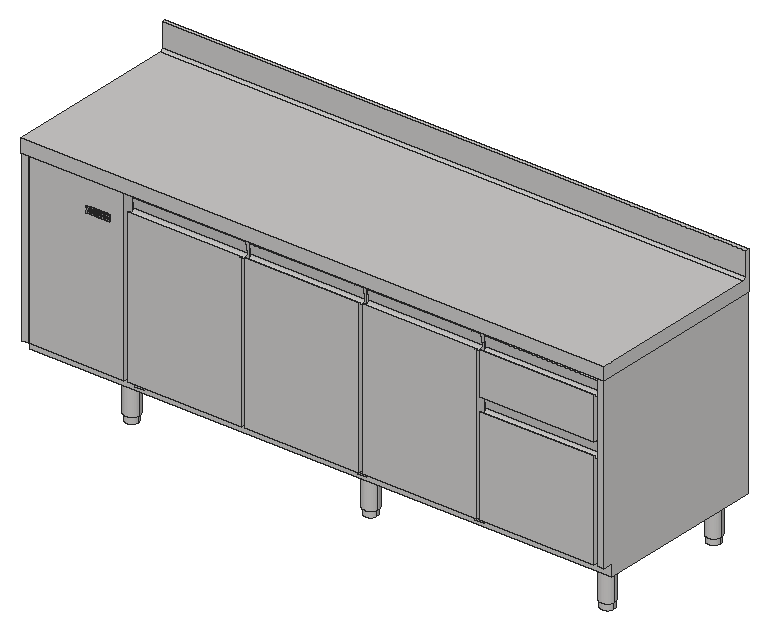
Revit family "QF_ZANUSSI_111062_ZH4H3AAAD", category Specialty Equipment, Revit 2018 (continued)
Definition of nested family "ZAN_Cooling Unit"
  Lines and regions (mm)
    Split face 121
      outline origin (55.016, 2, -197.115) x (0, 0, 1) y (-1, 0, 0)
        loop
          arc (510.649, 158.547) -> (506.648, 162.548) -> (502.647, 158.547) r 4.001
          line (502.647, 158.547) -> (502.647, 116.535)
          arc (502.647, 116.535) -> (506.648, 112.533) -> (510.649, 116.535) r 4.001
          line (510.649, 116.535) -> (510.649, 158.547)
    Split face 122
      outline origin (55.016, 2, -209.119) x (0, 0, 1) y (-1, 0, 0)
        loop
          arc (510.649, 158.547) -> (506.648, 162.548) -> (502.647, 158.547) r 4.001
          line (502.647, 158.547) -> (502.647, 116.535)
          arc (502.647, 116.535) -> (506.648, 112.533) -> (510.649, 116.535) r 4.001
          line (510.649, 116.535) -> (510.649, 158.547)
    Split face 123
      outline origin (55.016, 2, -221.122) x (0, 0, 1) y (-1, 0, 0)
        loop
          arc (510.649, 158.547) -> (506.648, 162.548) -> (502.647, 158.547) r 4.001
          line (502.647, 158.547) -> (502.647, 116.535)
          arc (502.647, 116.535) -> (506.648, 112.533) -> (510.649, 116.535) r 4.001
          line (510.649, 116.535) -> (510.649, 158.547)
    Split face 124
      outline origin (55.016, 2, -233.126) x (0, 0, 1) y (-1, 0, 0)
        loop
          arc (510.649, 158.547) -> (506.648, 162.548) -> (502.647, 158.547) r 4.001
          line (502.647, 158.547) -> (502.647, 116.535)
          arc (502.647, 116.535) -> (506.648, 112.533) -> (510.649, 116.535) r 4.001
          line (510.649, 116.535) -> (510.649, 158.547)
    Split face 125
      outline origin (55.016, 2, -245.129) x (0, 0, 1) y (-1, 0, 0)
        loop
          arc (510.649, 158.547) -> (506.648, 162.548) -> (502.647, 158.547) r 4.001
          line (502.647, 158.547) -> (502.647, 116.535)
          arc (502.647, 116.535) -> (506.648, 112.533) -> (510.649, 116.535) r 4.001
          line (510.649, 116.535) -> (510.649, 158.547)
    Split face 126
      outline origin (55.016, 2, -257.133) x (0, 0, 1) y (-1, 0, 0)
        loop
          arc (510.649, 158.547) -> (506.648, 162.548) -> (502.647, 158.547) r 4.001
          line (502.647, 158.547) -> (502.647, 116.535)
          arc (502.647, 116.535) -> (506.648, 112.533) -> (510.649, 116.535) r 4.001
          line (510.649, 116.535) -> (510.649, 158.547)
    Split face 127
      outline origin (55.016, 2, -269.136) x (0, 0, 1) y (-1, 0, 0)
        loop
          arc (510.649, 158.547) -> (506.648, 162.548) -> (502.647, 158.547) r 4.001
          line (502.647, 158.547) -> (502.647, 116.535)
          arc (502.647, 116.535) -> (506.648, 112.533) -> (510.649, 116.535) r 4.001
          line (510.649, 116.535) -> (510.649, 158.547)
    Split face 128
      outline origin (55.016, 2, -281.14) x (0, 0, 1) y (-1, 0, 0)
        loop
          arc (510.649, 158.547) -> (506.648, 162.548) -> (502.647, 158.547) r 4.001
          line (502.647, 158.547) -> (502.647, 116.535)
          arc (502.647, 116.535) -> (506.648, 112.533) -> (510.649, 116.535) r 4.001
          line (510.649, 116.535) -> (510.649, 158.547)
    Split face 129
      outline origin (55.016, 2, -293.144) x (0, 0, 1) y (-1, 0, 0)
        loop
          arc (510.649, 158.547) -> (506.648, 162.548) -> (502.647, 158.547) r 4.001
          line (502.647, 158.547) -> (502.647, 116.535)
          arc (502.647, 116.535) -> (506.648, 112.533) -> (510.649, 116.535) r 4.001
          line (510.649, 116.535) -> (510.649, 158.547)
    Split face 130
      outline origin (110.032, 2, -113.091) x (0, 0, 1) y (-1, 0, 0)
        loop
          arc (510.649, 158.547) -> (506.648, 162.548) -> (502.647, 158.547) r 4.001
          line (502.647, 158.547) -> (502.647, 116.535)
          arc (502.647, 116.535) -> (506.648, 112.533) -> (510.649, 116.535) r 4.001
          line (510.649, 116.535) -> (510.649, 158.547)
    Split face 131
      outline origin (110.032, 2, -125.094) x (0, 0, 1) y (-1, 0, 0)
        loop
          arc (510.649, 158.547) -> (506.648, 162.548) -> (502.647, 158.547) r 4.001
          line (502.647, 158.547) -> (502.647, 116.535)
          arc (502.647, 116.535) -> (506.648, 112.533) -> (510.649, 116.535) r 4.001
          line (510.649, 116.535) -> (510.649, 158.547)
    Split face 132
      outline origin (110.032, 2, -137.098) x (0, 0, 1) y (-1, 0, 0)
        loop
          arc (510.649, 158.547) -> (506.648, 162.548) -> (502.647, 158.547) r 4.001
          line (502.647, 158.547) -> (502.647, 116.535)
          arc (502.647, 116.535) -> (506.648, 112.533) -> (510.649, 116.535) r 4.001
          line (510.649, 116.535) -> (510.649, 158.547)
    Split face 133
      outline origin (110.032, 2, -149.101) x (0, 0, 1) y (-1, 0, 0)
        loop
          arc (510.649, 158.547) -> (506.648, 162.548) -> (502.647, 158.547) r 4.001
          line (502.647, 158.547) -> (502.647, 116.535)
          arc (502.647, 116.535) -> (506.648, 112.533) -> (510.649, 116.535) r 4.001
          line (510.649, 116.535) -> (510.649, 158.547)
    Split face 134
      outline origin (110.032, 2, -161.105) x (0, 0, 1) y (-1, 0, 0)
        loop
          arc (510.649, 158.547) -> (506.648, 162.548) -> (502.647, 158.547) r 4.001
          line (502.647, 158.547) -> (502.647, 116.535)
          arc (502.647, 116.535) -> (506.648, 112.533) -> (510.649, 116.535) r 4.001
          line (510.649, 116.535) -> (510.649, 158.547)
    Split face 135
      outline origin (110.032, 2, -173.108) x (0, 0, 1) y (-1, 0, 0)
        loop
          arc (510.649, 158.547) -> (506.648, 162.548) -> (502.647, 158.547) r 4.001
          line (502.647, 158.547) -> (502.647, 116.535)
          arc (502.647, 116.535) -> (506.648, 112.533) -> (510.649, 116.535) r 4.001
          line (510.649, 116.535) -> (510.649, 158.547)
    Split face 136
      outline origin (110.032, 2, -185.112) x (0, 0, 1) y (-1, 0, 0)
        loop
          arc (510.649, 158.547) -> (506.648, 162.548) -> (502.647, 158.547) r 4.001
          line (502.647, 158.547) -> (502.647, 116.535)
          arc (502.647, 116.535) -> (506.648, 112.533) -> (510.649, 116.535) r 4.001
          line (510.649, 116.535) -> (510.649, 158.547)
    Split face 137
      outline origin (110.032, 2, -197.115) x (0, 0, 1) y (-1, 0, 0)
        loop
          arc (510.649, 158.547) -> (506.648, 162.548) -> (502.647, 158.547) r 4.001
          line (502.647, 158.547) -> (502.647, 116.535)
          arc (502.647, 116.535) -> (506.648, 112.533) -> (510.649, 116.535) r 4.001
          line (510.649, 116.535) -> (510.649, 158.547)
    Split face 138
      outline origin (110.032, 2, -209.119) x (0, 0, 1) y (-1, 0, 0)
        loop
          arc (510.649, 158.547) -> (506.648, 162.548) -> (502.647, 158.547) r 4.001
          line (502.647, 158.547) -> (502.647, 116.535)
          arc (502.647, 116.535) -> (506.648, 112.533) -> (510.649, 116.535) r 4.001
          line (510.649, 116.535) -> (510.649, 158.547)
    Split face 139
      outline origin (110.032, 2, -221.122) x (0, 0, 1) y (-1, 0, 0)
        loop
          arc (510.649, 158.547) -> (506.648, 162.548) -> (502.647, 158.547) r 4.001
          line (502.647, 158.547) -> (502.647, 116.535)
          arc (502.647, 116.535) -> (506.648, 112.533) -> (510.649, 116.535) r 4.001
          line (510.649, 116.535) -> (510.649, 158.547)
    Split face 140
      outline origin (110.032, 2, -233.126) x (0, 0, 1) y (-1, 0, 0)
        loop
          arc (510.649, 158.547) -> (506.648, 162.548) -> (502.647, 158.547) r 4.001
          line (502.647, 158.547) -> (502.647, 116.535)
          arc (502.647, 116.535) -> (506.648, 112.533) -> (510.649, 116.535) r 4.001
          line (510.649, 116.535) -> (510.649, 158.547)
    Split face 141
      outline origin (110.032, 2, -245.129) x (0, 0, 1) y (-1, 0, 0)
        loop
          arc (510.649, 158.547) -> (506.648, 162.548) -> (502.647, 158.547) r 4.001
          line (502.647, 158.547) -> (502.647, 116.535)
          arc (502.647, 116.535) -> (506.648, 112.533) -> (510.649, 116.535) r 4.001
          line (510.649, 116.535) -> (510.649, 158.547)
    Split face 142
      outline origin (110.032, 2, -257.133) x (0, 0, 1) y (-1, 0, 0)
        loop
          arc (510.649, 158.547) -> (506.648, 162.548) -> (502.647, 158.547) r 4.001
          line (502.647, 158.547) -> (502.647, 116.535)
          arc (502.647, 116.535) -> (506.648, 112.533) -> (510.649, 116.535) r 4.001
          line (510.649, 116.535) -> (510.649, 158.547)
    Split face 143
      outline origin (110.032, 2, -269.136) x (0, 0, 1) y (-1, 0, 0)
        loop
          arc (510.649, 158.547) -> (506.648, 162.548) -> (502.647, 158.547) r 4.001
          line (502.647, 158.547) -> (502.647, 116.535)
          arc (502.647, 116.535) -> (506.648, 112.533) -> (510.649, 116.535) r 4.001
          line (510.649, 116.535) -> (510.649, 158.547)
    Split face 144
      outline origin (110.032, 2, -281.14) x (0, 0, 1) y (-1, 0, 0)
        loop
          arc (510.649, 158.547) -> (506.648, 162.548) -> (502.647, 158.547) r 4.001
          line (502.647, 158.547) -> (502.647, 116.535)
          arc (502.647, 116.535) -> (506.648, 112.533) -> (510.649, 116.535) r 4.001
          line (510.649, 116.535) -> (510.649, 158.547)
    Split face 145
      outline origin (110.032, 2, -293.144) x (0, 0, 1) y (-1, 0, 0)
        loop
          arc (510.649, 158.547) -> (506.648, 162.548) -> (502.647, 158.547) r 4.001
          line (502.647, 158.547) -> (502.647, 116.535)
          arc (502.647, 116.535) -> (506.648, 112.533) -> (510.649, 116.535) r 4.001
          line (510.649, 116.535) -> (510.649, 158.547)
    Split face 146
      outline origin (165.048, 2, -113.091) x (0, 0, 1) y (-1, 0, 0)
        loop
          arc (510.649, 158.547) -> (506.648, 162.548) -> (502.647, 158.547) r 4.001
          line (502.647, 158.547) -> (502.647, 116.535)
          arc (502.647, 116.535) -> (506.648, 112.533) -> (510.649, 116.535) r 4.001
          line (510.649, 116.535) -> (510.649, 158.547)
    Split face 147
      outline origin (165.048, 2, -125.094) x (0, 0, 1) y (-1, 0, 0)
        loop
          arc (510.649, 158.547) -> (506.648, 162.548) -> (502.647, 158.547) r 4.001
          line (502.647, 158.547) -> (502.647, 116.535)
          arc (502.647, 116.535) -> (506.648, 112.533) -> (510.649, 116.535) r 4.001
          line (510.649, 116.535) -> (510.649, 158.547)
    Split face 148
      outline origin (165.048, 2, -137.098) x (0, 0, 1) y (-1, 0, 0)
        loop
          arc (510.649, 158.547) -> (506.648, 162.548) -> (502.647, 158.547) r 4.001
          line (502.647, 158.547) -> (502.647, 116.535)
          arc (502.647, 116.535) -> (506.648, 112.533) -> (510.649, 116.535) r 4.001
          line (510.649, 116.535) -> (510.649, 158.547)
    Split face 149
      outline origin (165.048, 2, -149.101) x (0, 0, 1) y (-1, 0, 0)
        loop
          arc (510.649, 158.547) -> (506.648, 162.548) -> (502.647, 158.547) r 4.001
          line (502.647, 158.547) -> (502.647, 116.535)
          arc (502.647, 116.535) -> (506.648, 112.533) -> (510.649, 116.535) r 4.001
          line (510.649, 116.535) -> (510.649, 158.547)
    Split face 150
      outline origin (165.048, 2, -161.105) x (0, 0, 1) y (-1, 0, 0)
        loop
          arc (510.649, 158.547) -> (506.648, 162.548) -> (502.647, 158.547) r 4.001
          line (502.647, 158.547) -> (502.647, 116.535)
          arc (502.647, 116.535) -> (506.648, 112.533) -> (510.649, 116.535) r 4.001
          line (510.649, 116.535) -> (510.649, 158.547)
    Split face 151
      outline origin (165.048, 2, -173.108) x (0, 0, 1) y (-1, 0, 0)
        loop
          arc (510.649, 158.547) -> (506.648, 162.548) -> (502.647, 158.547) r 4.001
          line (502.647, 158.547) -> (502.647, 116.535)
          arc (502.647, 116.535) -> (506.648, 112.533) -> (510.649, 116.535) r 4.001
          line (510.649, 116.535) -> (510.649, 158.547)
    Split face 152
      outline origin (165.048, 2, -185.112) x (0, 0, 1) y (-1, 0, 0)
        loop
          arc (510.649, 158.547) -> (506.648, 162.548) -> (502.647, 158.547) r 4.001
          line (502.647, 158.547) -> (502.647, 116.535)
          arc (502.647, 116.535) -> (506.648, 112.533) -> (510.649, 116.535) r 4.001
          line (510.649, 116.535) -> (510.649, 158.547)
    Split face 153
      outline origin (165.048, 2, -197.115) x (0, 0, 1) y (-1, 0, 0)
        loop
          arc (510.649, 158.547) -> (506.648, 162.548) -> (502.647, 158.547) r 4.001
          line (502.647, 158.547) -> (502.647, 116.535)
          arc (502.647, 116.535) -> (506.648, 112.533) -> (510.649, 116.535) r 4.001
          line (510.649, 116.535) -> (510.649, 158.547)
    Split face 154
      outline origin (165.048, 2, -209.119) x (0, 0, 1) y (-1, 0, 0)
        loop
          arc (510.649, 158.547) -> (506.648, 162.548) -> (502.647, 158.547) r 4.001
          line (502.647, 158.547) -> (502.647, 116.535)
          arc (502.647, 116.535) -> (506.648, 112.533) -> (510.649, 116.535) r 4.001
          line (510.649, 116.535) -> (510.649, 158.547)
    Split face 155
      outline origin (165.048, 2, -221.122) x (0, 0, 1) y (-1, 0, 0)
        loop
          arc (510.649, 158.547) -> (506.648, 162.548) -> (502.647, 158.547) r 4.001
          line (502.647, 158.547) -> (502.647, 116.535)
          arc (502.647, 116.535) -> (506.648, 112.533) -> (510.649, 116.535) r 4.001
          line (510.649, 116.535) -> (510.649, 158.547)
    Split face 156
      outline origin (165.048, 2, -233.126) x (0, 0, 1) y (-1, 0, 0)
        loop
          arc (510.649, 158.547) -> (506.648, 162.548) -> (502.647, 158.547) r 4.001
          line (502.647, 158.547) -> (502.647, 116.535)
          arc (502.647, 116.535) -> (506.648, 112.533) -> (510.649, 116.535) r 4.001
          line (510.649, 116.535) -> (510.649, 158.547)
    Split face 157
      outline origin (165.048, 2, -245.129) x (0, 0, 1) y (-1, 0, 0)
        loop
          arc (510.649, 158.547) -> (506.648, 162.548) -> (502.647, 158.547) r 4.001
          line (502.647, 158.547) -> (502.647, 116.535)
          arc (502.647, 116.535) -> (506.648, 112.533) -> (510.649, 116.535) r 4.001
          line (510.649, 116.535) -> (510.649, 158.547)
    Split face 158
      outline origin (165.048, 2, -257.133) x (0, 0, 1) y (-1, 0, 0)
        loop
          arc (510.649, 158.547) -> (506.648, 162.548) -> (502.647, 158.547) r 4.001
          line (502.647, 158.547) -> (502.647, 116.535)
          arc (502.647, 116.535) -> (506.648, 112.533) -> (510.649, 116.535) r 4.001
          line (510.649, 116.535) -> (510.649, 158.547)
    Split face 159
      outline origin (165.048, 2, -269.136) x (0, 0, 1) y (-1, 0, 0)
        loop
          arc (510.649, 158.547) -> (506.648, 162.548) -> (502.647, 158.547) r 4.001
          line (502.647, 158.547) -> (502.647, 116.535)
          arc (502.647, 116.535) -> (506.648, 112.533) -> (510.649, 116.535) r 4.001
          line (510.649, 116.535) -> (510.649, 158.547)
    Split face 160
      outline origin (165.048, 2, -281.14) x (0, 0, 1) y (-1, 0, 0)
        loop
          arc (510.649, 158.547) -> (506.648, 162.548) -> (502.647, 158.547) r 4.001
          line (502.647, 158.547) -> (502.647, 116.535)
          arc (502.647, 116.535) -> (506.648, 112.533) -> (510.649, 116.535) r 4.001
          line (510.649, 116.535) -> (510.649, 158.547)
    Split face 161
      outline origin (165.048, 2, -293.144) x (0, 0, 1) y (-1, 0, 0)
        loop
          arc (510.649, 158.547) -> (506.648, 162.548) -> (502.647, 158.547) r 4.001
          line (502.647, 158.547) -> (502.647, 116.535)
          arc (502.647, 116.535) -> (506.648, 112.533) -> (510.649, 116.535) r 4.001
          line (510.649, 116.535) -> (510.649, 158.547)
    Split face 162
      outline origin (220.064, 2, -113.091) x (0, 0, 1) y (-1, 0, 0)
        loop
          arc (510.649, 158.547) -> (506.648, 162.548) -> (502.647, 158.547) r 4.001
          line (502.647, 158.547) -> (502.647, 116.535)
          arc (502.647, 116.535) -> (506.648, 112.533) -> (510.649, 116.535) r 4.001
          line (510.649, 116.535) -> (510.649, 158.547)
    Split face 163
      outline origin (220.064, 2, -125.094) x (0, 0, 1) y (-1, 0, 0)
        loop
          arc (510.649, 158.547) -> (506.648, 162.548) -> (502.647, 158.547) r 4.001
          line (502.647, 158.547) -> (502.647, 116.535)
          arc (502.647, 116.535) -> (506.648, 112.533) -> (510.649, 116.535) r 4.001
          line (510.649, 116.535) -> (510.649, 158.547)
    Split face 164
      outline origin (220.064, 2, -137.098) x (0, 0, 1) y (-1, 0, 0)
        loop
          arc (510.649, 158.547) -> (506.648, 162.548) -> (502.647, 158.547) r 4.001
          line (502.647, 158.547) -> (502.647, 116.535)
          arc (502.647, 116.535) -> (506.648, 112.533) -> (510.649, 116.535) r 4.001
          line (510.649, 116.535) -> (510.649, 158.547)
    Split face 165
      outline origin (220.064, 2, -149.101) x (0, 0, 1) y (-1, 0, 0)
        loop
          arc (510.649, 158.547) -> (506.648, 162.548) -> (502.647, 158.547) r 4.001
          line (502.647, 158.547) -> (502.647, 116.535)
          arc (502.647, 116.535) -> (506.648, 112.533) -> (510.649, 116.535) r 4.001
          line (510.649, 116.535) -> (510.649, 158.547)
    Split face 166
      outline origin (220.064, 2, -161.105) x (0, 0, 1) y (-1, 0, 0)
        loop
          arc (510.649, 158.547) -> (506.648, 162.548) -> (502.647, 158.547) r 4.001
          line (502.647, 158.547) -> (502.647, 116.535)
          arc (502.647, 116.535) -> (506.648, 112.533) -> (510.649, 116.535) r 4.001
          line (510.649, 116.535) -> (510.649, 158.547)
    Split face 167
      outline origin (220.064, 2, -173.108) x (0, 0, 1) y (-1, 0, 0)
        loop
          arc (510.649, 158.547) -> (506.648, 162.548) -> (502.647, 158.547) r 4.001
          line (502.647, 158.547) -> (502.647, 116.535)
          arc (502.647, 116.535) -> (506.648, 112.533) -> (510.649, 116.535) r 4.001
          line (510.649, 116.535) -> (510.649, 158.547)
    Split face 168
      outline origin (220.064, 2, -185.112) x (0, 0, 1) y (-1, 0, 0)
        loop
          arc (510.649, 158.547) -> (506.648, 162.548) -> (502.647, 158.547) r 4.001
          line (502.647, 158.547) -> (502.647, 116.535)
          arc (502.647, 116.535) -> (506.648, 112.533) -> (510.649, 116.535) r 4.001
          line (510.649, 116.535) -> (510.649, 158.547)
    Split face 169
      outline origin (220.064, 2, -197.115) x (0, 0, 1) y (-1, 0, 0)
        loop
          arc (510.649, 158.547) -> (506.648, 162.548) -> (502.647, 158.547) r 4.001
          line (502.647, 158.547) -> (502.647, 116.535)
          arc (502.647, 116.535) -> (506.648, 112.533) -> (510.649, 116.535) r 4.001
          line (510.649, 116.535) -> (510.649, 158.547)
    Split face 170
      outline origin (220.064, 2, -209.119) x (0, 0, 1) y (-1, 0, 0)
        loop
          arc (510.649, 158.547) -> (506.648, 162.548) -> (502.647, 158.547) r 4.001
          line (502.647, 158.547) -> (502.647, 116.535)
          arc (502.647, 116.535) -> (506.648, 112.533) -> (510.649, 116.535) r 4.001
          line (510.649, 116.535) -> (510.649, 158.547)
    Split face 171
      outline origin (220.064, 2, -221.122) x (0, 0, 1) y (-1, 0, 0)
        loop
          arc (510.649, 158.547) -> (506.648, 162.548) -> (502.647, 158.547) r 4.001
          line (502.647, 158.547) -> (502.647, 116.535)
          arc (502.647, 116.535) -> (506.648, 112.533) -> (510.649, 116.535) r 4.001
          line (510.649, 116.535) -> (510.649, 158.547)
    Split face 172
      outline origin (220.064, 2, -233.126) x (0, 0, 1) y (-1, 0, 0)
        loop
          arc (510.649, 158.547) -> (506.648, 162.548) -> (502.647, 158.547) r 4.001
          line (502.647, 158.547) -> (502.647, 116.535)
          arc (502.647, 116.535) -> (506.648, 112.533) -> (510.649, 116.535) r 4.001
          line (510.649, 116.535) -> (510.649, 158.547)
    Split face 173
      outline origin (220.064, 2, -245.129) x (0, 0, 1) y (-1, 0, 0)
        loop
          arc (510.649, 158.547) -> (506.648, 162.548) -> (502.647, 158.547) r 4.001
          line (502.647, 158.547) -> (502.647, 116.535)
          arc (502.647, 116.535) -> (506.648, 112.533) -> (510.649, 116.535) r 4.001
          line (510.649, 116.535) -> (510.649, 158.547)
    Split face 174
      outline origin (220.064, 2, -257.133) x (0, 0, 1) y (-1, 0, 0)
        loop
          arc (510.649, 158.547) -> (506.648, 162.548) -> (502.647, 158.547) r 4.001
          line (502.647, 158.547) -> (502.647, 116.535)
          arc (502.647, 116.535) -> (506.648, 112.533) -> (510.649, 116.535) r 4.001
          line (510.649, 116.535) -> (510.649, 158.547)
    Split face 175
      outline origin (220.064, 2, -269.136) x (0, 0, 1) y (-1, 0, 0)
        loop
          arc (510.649, 158.547) -> (506.648, 162.548) -> (502.647, 158.547) r 4.001
          line (502.647, 158.547) -> (502.647, 116.535)
          arc (502.647, 116.535) -> (506.648, 112.533) -> (510.649, 116.535) r 4.001
          line (510.649, 116.535) -> (510.649, 158.547)
    Split face 176
      outline origin (220.064, 2, -281.14) x (0, 0, 1) y (-1, 0, 0)
        loop
          arc (510.649, 158.547) -> (506.648, 162.548) -> (502.647, 158.547) r 4.001
          line (502.647, 158.547) -> (502.647, 116.535)
          arc (502.647, 116.535) -> (506.648, 112.533) -> (510.649, 116.535) r 4.001
          line (510.649, 116.535) -> (510.649, 158.547)
    Split face 177
      outline origin (220.064, 2, -293.144) x (0, 0, 1) y (-1, 0, 0)
        loop
          arc (510.649, 158.547) -> (506.648, 162.548) -> (502.647, 158.547) r 4.001
          line (502.647, 158.547) -> (502.647, 116.535)
          arc (502.647, 116.535) -> (506.648, 112.533) -> (510.649, 116.535) r 4.001
          line (510.649, 116.535) -> (510.649, 158.547)
    Split face 178
      outline origin (275.081, 2, -113.091) x (0, 0, 1) y (-1, 0, 0)
        loop
          arc (510.649, 158.547) -> (506.648, 162.548) -> (502.647, 158.547) r 4.001
          line (502.647, 158.547) -> (502.647, 116.535)
          arc (502.647, 116.535) -> (506.648, 112.533) -> (510.649, 116.535) r 4.001
          line (510.649, 116.535) -> (510.649, 158.547)
    Split face 179
      outline origin (275.081, 2, -125.094) x (0, 0, 1) y (-1, 0, 0)
        loop
          arc (510.649, 158.547) -> (506.648, 162.548) -> (502.647, 158.547) r 4.001
          line (502.647, 158.547) -> (502.647, 116.535)
          arc (502.647, 116.535) -> (506.648, 112.533) -> (510.649, 116.535) r 4.001
          line (510.649, 116.535) -> (510.649, 158.547)
    Split face 180
      outline origin (275.081, 2, -137.098) x (0, 0, 1) y (-1, 0, 0)
        loop
          arc (510.649, 158.547) -> (506.648, 162.548) -> (502.647, 158.547) r 4.001
          line (502.647, 158.547) -> (502.647, 116.535)
          arc (502.647, 116.535) -> (506.648, 112.533) -> (510.649, 116.535) r 4.001
          line (510.649, 116.535) -> (510.649, 158.547)
    Split face 181
      outline origin (275.081, 2, -149.101) x (0, 0, 1) y (-1, 0, 0)
        loop
          arc (510.649, 158.547) -> (506.648, 162.548) -> (502.647, 158.547) r 4.001
          line (502.647, 158.547) -> (502.647, 116.535)
          arc (502.647, 116.535) -> (506.648, 112.533) -> (510.649, 116.535) r 4.001
          line (510.649, 116.535) -> (510.649, 158.547)
    Split face 182
      outline origin (275.081, 2, -161.105) x (0, 0, 1) y (-1, 0, 0)
        loop
          arc (510.649, 158.547) -> (506.648, 162.548) -> (502.647, 158.547) r 4.001
          line (502.647, 158.547) -> (502.647, 116.535)
          arc (502.647, 116.535) -> (506.648, 112.533) -> (510.649, 116.535) r 4.001
          line (510.649, 116.535) -> (510.649, 158.547)
    Split face 183
      outline origin (275.081, 2, -173.108) x (0, 0, 1) y (-1, 0, 0)
        loop
          arc (510.649, 158.547) -> (506.648, 162.548) -> (502.647, 158.547) r 4.001
          line (502.647, 158.547) -> (502.647, 116.535)
          arc (502.647, 116.535) -> (506.648, 112.533) -> (510.649, 116.535) r 4.001
          line (510.649, 116.535) -> (510.649, 158.547)
    Split face 184
      outline origin (275.081, 2, -185.112) x (0, 0, 1) y (-1, 0, 0)
        loop
          arc (510.649, 158.547) -> (506.648, 162.548) -> (502.647, 158.547) r 4.001
          line (502.647, 158.547) -> (502.647, 116.535)
          arc (502.647, 116.535) -> (506.648, 112.533) -> (510.649, 116.535) r 4.001
          line (510.649, 116.535) -> (510.649, 158.547)
    Split face 185
      outline origin (275.081, 2, -197.115) x (0, 0, 1) y (-1, 0, 0)
        loop
          arc (510.649, 158.547) -> (506.648, 162.548) -> (502.647, 158.547) r 4.001
          line (502.647, 158.547) -> (502.647, 116.535)
          arc (502.647, 116.535) -> (506.648, 112.533) -> (510.649, 116.535) r 4.001
          line (510.649, 116.535) -> (510.649, 158.547)
    Split face 186
      outline origin (275.081, 2, -209.119) x (0, 0, 1) y (-1, 0, 0)
        loop
          arc (510.649, 158.547) -> (506.648, 162.548) -> (502.647, 158.547) r 4.001
          line (502.647, 158.547) -> (502.647, 116.535)
          arc (502.647, 116.535) -> (506.648, 112.533) -> (510.649, 116.535) r 4.001
          line (510.649, 116.535) -> (510.649, 158.547)
    Split face 187
      outline origin (275.081, 2, -221.122) x (0, 0, 1) y (-1, 0, 0)
        loop
          arc (510.649, 158.547) -> (506.648, 162.548) -> (502.647, 158.547) r 4.001
          line (502.647, 158.547) -> (502.647, 116.535)
          arc (502.647, 116.535) -> (506.648, 112.533) -> (510.649, 116.535) r 4.001
          line (510.649, 116.535) -> (510.649, 158.547)
    Split face 188
      outline origin (275.081, 2, -233.126) x (0, 0, 1) y (-1, 0, 0)
        loop
          arc (510.649, 158.547) -> (506.648, 162.548) -> (502.647, 158.547) r 4.001
          line (502.647, 158.547) -> (502.647, 116.535)
          arc (502.647, 116.535) -> (506.648, 112.533) -> (510.649, 116.535) r 4.001
          line (510.649, 116.535) -> (510.649, 158.547)
    Split face 189
      outline origin (275.081, 2, -245.129) x (0, 0, 1) y (-1, 0, 0)
        loop
          arc (510.649, 158.547) -> (506.648, 162.548) -> (502.647, 158.547) r 4.001
          line (502.647, 158.547) -> (502.647, 116.535)
          arc (502.647, 116.535) -> (506.648, 112.533) -> (510.649, 116.535) r 4.001
          line (510.649, 116.535) -> (510.649, 158.547)
    Split face 190
      outline origin (275.081, 2, -257.133) x (0, 0, 1) y (-1, 0, 0)
        loop
          arc (510.649, 158.547) -> (506.648, 162.548) -> (502.647, 158.547) r 4.001
          line (502.647, 158.547) -> (502.647, 116.535)
          arc (502.647, 116.535) -> (506.648, 112.533) -> (510.649, 116.535) r 4.001
          line (510.649, 116.535) -> (510.649, 158.547)
    Split face 191
      outline origin (275.081, 2, -269.136) x (0, 0, 1) y (-1, 0, 0)
        loop
          arc (510.649, 158.547) -> (506.648, 162.548) -> (502.647, 158.547) r 4.001
          line (502.647, 158.547) -> (502.647, 116.535)
          arc (502.647, 116.535) -> (506.648, 112.533) -> (510.649, 116.535) r 4.001
          line (510.649, 116.535) -> (510.649, 158.547)
    Split face 192
      outline origin (275.081, 2, -281.14) x (0, 0, 1) y (-1, 0, 0)
        loop
          arc (510.649, 158.547) -> (506.648, 162.548) -> (502.647, 158.547) r 4.001
          line (502.647, 158.547) -> (502.647, 116.535)
          arc (502.647, 116.535) -> (506.648, 112.533) -> (510.649, 116.535) r 4.001
          line (510.649, 116.535) -> (510.649, 158.547)
    Split face 193
      outline origin (275.081, 2, -293.144) x (0, 0, 1) y (-1, 0, 0)
        loop
          arc (510.649, 158.547) -> (506.648, 162.548) -> (502.647, 158.547) r 4.001
          line (502.647, 158.547) -> (502.647, 116.535)
          arc (502.647, 116.535) -> (506.648, 112.533) -> (510.649, 116.535) r 4.001
          line (510.649, 116.535) -> (510.649, 158.547)
    Split face 194
      outline origin (0, 2, 197) x (0, 0, 1) y (-1, 0, 0)
        loop
          spline (566.835, 20.381) -> (564.628, 19.058) -> (561.987, 18.027) -> (558.955, 17.386) -> (555.581, 17.244) -> (551.912, 17.703) -> (547.993, 18.863) -> (543.871, 20.83) -> (539.591, 23.706) -> (535.202, 27.594) -> (530.748, 32.597) -> (526.28, 38.824) -> (521.835, 46.362)
        loop
          spline (521.835, 58.392) -> (525.386, 49.242) -> (529.197, 41.481) -> (533.2, 35.023) -> (537.329, 29.786) -> (541.516, 25.684) -> (545.695, 22.634) -> (549.798, 20.552) -> (553.759, 19.355) -> (557.511, 18.958) -> (560.984, 19.275) -> (564.115, 20.227) -> (566.835, 21.726)
    Split face 195
      outline origin (0, 2, 197) x (0, 0, 1) y (-1, 0, 0)
        loop
          line (555.835, 149.5) -> (532.835, 149.5) -> (532.835, 94.5) -> (555.835, 94.5) -> (555.835, 149.5)
  Dimensions and locks
    aligned and locked: level to plane 2
  Nested families
    nested 1: "ZAN_Logo_S_Grey" at (85, 2, 741.213) x (1, 0, 0) z (0, -1, 0), visible <- "Show Logo", type "ZAN_Logo_S_Grey"
  Definition of nested family "ZAN_Logo_S_Grey"
    Parameters
      Default Elevation = 0 mm
    Reference planes
      plane 1 "Centro (Fronte/Retro)": y = 0
      plane 2: z = 0
      plane 3 "Centro (Sinistra/Destra)": x = 0
    Forms (mm)
      Extrusion 1, solid
        sketch origin (0, 0, 0) x (1, 0, 0) y (0, 1, 0)
          loop
            line (-1219.2, 1219.2) -> (-1219.2, -1219.2) -> (1219.2, -1219.2) -> (1219.2, 1219.2) -> (-1219.2, 1219.2)
        from 0 to -304.8
      Extrusion 2, solid
        sketch origin (17.793, -46.218, 0) x (-1, 0, 0) y (0, -1, 0)
          loop
            spline (-4.176, -58.079) -> (-3.496, -58.328) -> (-2.793, -58.512) -> (-2.075, -58.63) -> (-1.348, -58.682) -> (-0.619, -58.669) -> (0.106, -58.588) -> (0.818, -58.44) -> (1.512, -58.225) -> (2.18, -57.941) -> (2.817, -57.589) -> (3.414, -57.167) -> (3.966, -56.676)
            spline (3.966, -56.676) -> (4.293, -56.162) -> (4.575, -55.61) -> (4.81, -55.026) -> (5, -54.419) -> (5.146, -53.797) -> (5.247, -53.166) -> (5.304, -52.536) -> (5.318, -51.913) -> (5.288, -51.306) -> (5.217, -50.723) -> (5.103, -50.17) -> (4.949, -49.657)
            line (4.949, -49.657) -> (2.702, -46.428) -> (0.316, -44.323)
            spline (0.316, -44.323) -> (0.065, -44.115) -> (-0.195, -43.909) -> (-0.46, -43.704) -> (-0.729, -43.496) -> (-0.997, -43.282) -> (-1.263, -43.059) -> (-1.523, -42.825) -> (-1.774, -42.576) -> (-2.013, -42.309) -> (-2.238, -42.022) -> (-2.445, -41.712) -> (-2.632, -41.375)
            spline (-2.632, -41.375) -> (-2.666, -41.159) -> (-2.697, -40.934) -> (-2.722, -40.701) -> (-2.736, -40.465) -> (-2.736, -40.227) -> (-2.72, -39.989) -> (-2.682, -39.754) -> (-2.621, -39.524) -> (-2.533, -39.302) -> (-2.414, -39.091) -> (-2.261, -38.892) -> (-2.07, -38.708)
            line (-2.07, -38.708) -> (-0.245, -38.567)
            spline (-0.245, -38.567) -> (0.096, -38.8) -> (0.354, -39.074) -> (0.54, -39.381) -> (0.664, -39.716) -> (0.738, -40.073) -> (0.772, -40.445) -> (0.777, -40.825) -> (0.763, -41.208) -> (0.742, -41.588) -> (0.723, -41.957) -> (0.718, -42.309) -> (0.737, -42.638)
            line (0.737, -42.638) -> (5.65, -42.638)
            spline (5.65, -42.638) -> (5.708, -42.042) -> (5.741, -41.448) -> (5.747, -40.857) -> (5.723, -40.273) -> (5.668, -39.696) -> (5.58, -39.129) -> (5.457, -38.574) -> (5.297, -38.032) -> (5.098, -37.506) -> (4.857, -36.997) -> (4.574, -36.508) -> (4.247, -36.041)
            spline (4.247, -36.041) -> (3.844, -35.675) -> (3.409, -35.35) -> (2.946, -35.065) -> (2.458, -34.819) -> (1.949, -34.612) -> (1.421, -34.444) -> (0.88, -34.314) -> (0.326, -34.221) -> (-0.234, -34.165) -> (-0.8, -34.146) -> (-1.366, -34.163) -> (-1.93, -34.216)
            spline (-1.93, -34.216) -> (-2.526, -34.309) -> (-3.116, -34.448) -> (-3.695, -34.633) -> (-4.259, -34.861) -> (-4.801, -35.131) -> (-5.316, -35.444) -> (-5.799, -35.798) -> (-6.245, -36.191) -> (-6.648, -36.624) -> (-7.002, -37.095) -> (-7.303, -37.603) -> (-7.545, -38.146)
            spline (-7.545, -38.146) -> (-7.694, -38.815) -> (-7.792, -39.487) -> (-7.839, -40.158) -> (-7.836, -40.824) -> (-7.785, -41.482) -> (-7.685, -42.129) -> (-7.539, -42.762) -> (-7.347, -43.377) -> (-7.111, -43.97) -> (-6.83, -44.538) -> (-6.506, -45.078) -> (-6.141, -45.586)
            line (-6.141, -45.586) -> (-0.526, -50.64) -> (0.176, -51.482)
            spline (0.176, -51.482) -> (0.248, -51.66) -> (0.323, -51.843) -> (0.397, -52.03) -> (0.467, -52.22) -> (0.529, -52.412) -> (0.579, -52.605) -> (0.615, -52.798) -> (0.633, -52.989) -> (0.63, -53.179) -> (0.601, -53.366) -> (0.545, -53.55) -> (0.456, -53.728)
            spline (0.456, -53.728) -> (0.375, -53.892) -> (0.273, -54.034) -> (0.154, -54.155) -> (0.02, -54.258) -> (-0.126, -54.343) -> (-0.28, -54.412) -> (-0.441, -54.466) -> (-0.604, -54.508) -> (-0.767, -54.537) -> (-0.928, -54.556) -> (-1.082, -54.567) -> (-1.228, -54.57)
            line (-1.228, -54.57) -> (-2.632, -53.587) -> (-2.772, -50.64) -> (-7.405, -50.64)
            spline (-7.405, -50.64) -> (-7.41, -51.031) -> (-7.423, -51.432) -> (-7.44, -51.839) -> (-7.456, -52.251) -> (-7.469, -52.665) -> (-7.475, -53.079) -> (-7.468, -53.489) -> (-7.446, -53.894) -> (-7.404, -54.291) -> (-7.339, -54.679) -> (-7.247, -55.053) -> (-7.123, -55.412)
            spline (-7.123, -55.412) -> (-6.999, -55.693) -> (-6.837, -55.97) -> (-6.643, -56.244) -> (-6.422, -56.509) -> (-6.177, -56.765) -> (-5.913, -57.009) -> (-5.634, -57.238) -> (-5.346, -57.45) -> (-5.051, -57.643) -> (-4.755, -57.814) -> (-4.462, -57.96) -> (-4.176, -58.079)
          loop
            spline (-21.021, -55.552) -> (-20.633, -56.181) -> (-20.177, -56.736) -> (-19.661, -57.217) -> (-19.092, -57.627) -> (-18.478, -57.966) -> (-17.827, -58.237) -> (-17.147, -58.441) -> (-16.446, -58.578) -> (-15.73, -58.652) -> (-15.009, -58.662) -> (-14.29, -58.611) -> (-13.581, -58.5)
            spline (-13.581, -58.5) -> (-13.088, -58.407) -> (-12.595, -58.269) -> (-12.109, -58.088) -> (-11.636, -57.866) -> (-11.183, -57.605) -> (-10.756, -57.307) -> (-10.361, -56.974) -> (-10.004, -56.608) -> (-9.692, -56.211) -> (-9.431, -55.784) -> (-9.228, -55.33) -> (-9.089, -54.851)
            spline (-9.089, -54.851) -> (-8.873, -54.211) -> (-8.715, -53.559) -> (-8.615, -52.901) -> (-8.574, -52.241) -> (-8.592, -51.585) -> (-8.668, -50.938) -> (-8.802, -50.306) -> (-8.995, -49.693) -> (-9.247, -49.106) -> (-9.557, -48.55) -> (-9.925, -48.03) -> (-10.352, -47.551)
            line (-10.352, -47.551) -> (-15.546, -42.919) -> (-16.669, -41.234)
            spline (-16.669, -41.234) -> (-16.704, -41.021) -> (-16.735, -40.804) -> (-16.761, -40.583) -> (-16.778, -40.361) -> (-16.784, -40.139) -> (-16.774, -39.919) -> (-16.748, -39.701) -> (-16.7, -39.488) -> (-16.63, -39.28) -> (-16.533, -39.08) -> (-16.406, -38.889) -> (-16.248, -38.708)
            line (-16.248, -38.708) -> (-14.844, -38.427)
            spline (-14.844, -38.427) -> (-14.347, -38.545) -> (-13.969, -38.749) -> (-13.695, -39.028) -> (-13.508, -39.368) -> (-13.393, -39.757) -> (-13.335, -40.182) -> (-13.318, -40.63) -> (-13.326, -41.089) -> (-13.344, -41.546) -> (-13.356, -41.988) -> (-13.347, -42.403) -> (-13.3, -42.779)
            line (-13.3, -42.779) -> (-8.387, -42.638)
            spline (-8.387, -42.638) -> (-8.326, -42.034) -> (-8.288, -41.417) -> (-8.277, -40.794) -> (-8.299, -40.169) -> (-8.357, -39.548) -> (-8.457, -38.936) -> (-8.604, -38.339) -> (-8.803, -37.762) -> (-9.058, -37.21) -> (-9.375, -36.689) -> (-9.758, -36.204) -> (-10.212, -35.76)
            spline (-10.212, -35.76) -> (-10.793, -35.336) -> (-11.409, -34.976) -> (-12.054, -34.679) -> (-12.723, -34.445) -> (-13.409, -34.273) -> (-14.107, -34.163) -> (-14.811, -34.115) -> (-15.515, -34.127) -> (-16.213, -34.2) -> (-16.899, -34.333) -> (-17.568, -34.526) -> (-18.213, -34.777)
            spline (-18.213, -34.777) -> (-18.496, -34.897) -> (-18.783, -35.044) -> (-19.071, -35.216) -> (-19.357, -35.412) -> (-19.639, -35.629) -> (-19.915, -35.865) -> (-20.182, -36.119) -> (-20.438, -36.389) -> (-20.681, -36.672) -> (-20.907, -36.967) -> (-21.115, -37.272) -> (-21.301, -37.585)
            spline (-21.301, -37.585) -> (-21.55, -38.26) -> (-21.734, -38.948) -> (-21.854, -39.647) -> (-21.91, -40.351) -> (-21.901, -41.057) -> (-21.828, -41.761) -> (-21.69, -42.459) -> (-21.489, -43.148) -> (-21.222, -43.823) -> (-20.892, -44.48) -> (-20.497, -45.116) -> (-20.038, -45.726)
            line (-20.038, -45.726) -> (-14.142, -51.061) -> (-13.44, -52.886) -> (-14.002, -54.289) -> (-15.265, -54.57) -> (-16.669, -53.587) -> (-16.81, -50.78) -> (-21.582, -50.64)
            spline (-21.582, -50.64) -> (-21.558, -51.063) -> (-21.55, -51.491) -> (-21.554, -51.92) -> (-21.561, -52.35) -> (-21.567, -52.778) -> (-21.565, -53.201) -> (-21.547, -53.619) -> (-21.509, -54.029) -> (-21.444, -54.43) -> (-21.345, -54.818) -> (-21.206, -55.193) -> (-21.021, -55.552)
          loop
            line (-22.424, -34.216) -> (-27.337, -34.216) -> (-27.337, -58.22) -> (-22.424, -58.22) -> (-22.424, -34.216)
          loop
            line (14.213, -39.971) -> (14.213, -58.22) -> (19.126, -58.22) -> (19.126, -42.077) -> (18.845, -38.146) -> (18.424, -37.164) -> (17.442, -35.9) -> (16.459, -35.199) -> (14.494, -34.356) -> (13.511, -34.216) -> (11.265, -34.216) -> (10.142, -34.497) -> (8.458, -35.479) -> (6.493, -38.287) -> (6.352, -39.269) -> (6.352, -58.22) -> (11.265, -58.22) -> (11.265, -40.392) -> (11.827, -39.129) -> (13.371, -38.988) -> (14.213, -39.971)
          loop
            line (20.249, -58.22) -> (24.741, -58.22) -> (24.741, -42.919) -> (28.812, -58.22) -> (34.006, -58.22) -> (34.006, -34.216) -> (29.654, -34.216) -> (29.654, -50.078) -> (25.583, -34.216) -> (20.249, -34.216) -> (20.249, -58.22)
          loop
            line (50.149, -58.22) -> (62.361, -58.22) -> (62.361, -53.728) -> (55.904, -53.868) -> (62.923, -39.129) -> (62.923, -34.216) -> (50.149, -34.216) -> (50.149, -39.129) -> (57.517, -39.129) -> (50.149, -54.149) -> (50.149, -58.22)
          loop
            line (38.778, -58.22) -> (45.516, -58.22) -> (49.868, -34.216) -> (44.814, -34.216) -> (44.113, -38.848) -> (40.042, -38.848) -> (39.34, -34.216) -> (34.286, -34.216) -> (38.778, -58.22)
          loop
            line (43.551, -43.2) -> (40.744, -43.2) -> (42.147, -54.117) -> (43.551, -43.2)
        from 0 to 1.644
    Dimensions and locks
      aligned and locked: plane 2 to Extrusion 1
      aligned and locked: level to Extrusion 1
Definition of nested family "Refrigerator"
  Reference planes
    plane 1 "Center (Front/Back)": y = 0
    plane 2: z = 0
    plane 3 "Center (Left/Right)": x = 0
  Lines and regions (mm)
    detail lines, in view "Ref. Level"
      curve 1: spline (-500, 190, 0) -> (-493.185, 166.706, 0) -> (-473.205, 145, 0) -> (-441.421, 126.36, 0) -> (-400, 112.058, 0) -> (-351.764, 103.067, 0) -> (-300, 100, 0) -> (-248.236, 103.067, 0) -> (-200, 112.058, 0) -> (-158.579, 126.36, 0) -> (-126.795, 145, 0) -> (-106.815, 166.706, 0) -> (-100, 190, 0) -> (-106.815, 213.294, 0) -> (-126.795, 235, 0) -> (-158.579, 253.64, 0) -> (-200, 267.942, 0) -> (-248.236, 276.933, 0) -> (-300, 280, 0) -> (-351.764, 276.933, 0) -> (-400, 267.942, 0) -> (-441.421, 253.64, 0) -> (-473.205, 235, 0) -> (-493.185, 213.294, 0) -> (-500, 190, 0)
      curve 2: line (-300, 130, 0) -> (-300, 250, 0)
      curve 3: line (-351.962, 220, 0) -> (-248.038, 160, 0)
      curve 4: line (-351.962, 160, 0) -> (-248.038, 220, 0)
      curve 5: line (-280.884, 246.873, 0) -> (-300, 225, 0)
      curve 6: line (-300, 225, 0) -> (-319.116, 246.873, 0)
      curve 7: line (-330.311, 207.5, 0) -> (-339.696, 234.992, 0)
      curve 8: line (-358.812, 201.882, 0) -> (-330.311, 207.5, 0)
      curve 9: line (-330.311, 172.5, 0) -> (-358.812, 178.118, 0)
      curve 10: line (-339.696, 145.008, 0) -> (-330.311, 172.5, 0)
      curve 11: line (-300, 155, 0) -> (-319.116, 133.127, 0)
      curve 12: line (-280.884, 133.127, 0) -> (-300, 155, 0)
      curve 13: line (-269.689, 172.5, 0) -> (-260.304, 145.008, 0)
      curve 14: line (-241.188, 178.118, 0) -> (-269.689, 172.5, 0)
      curve 15: line (-269.689, 207.5, 0) -> (-241.188, 201.882, 0)
      curve 16: line (-260.304, 234.992, 0) -> (-269.689, 207.5, 0)
